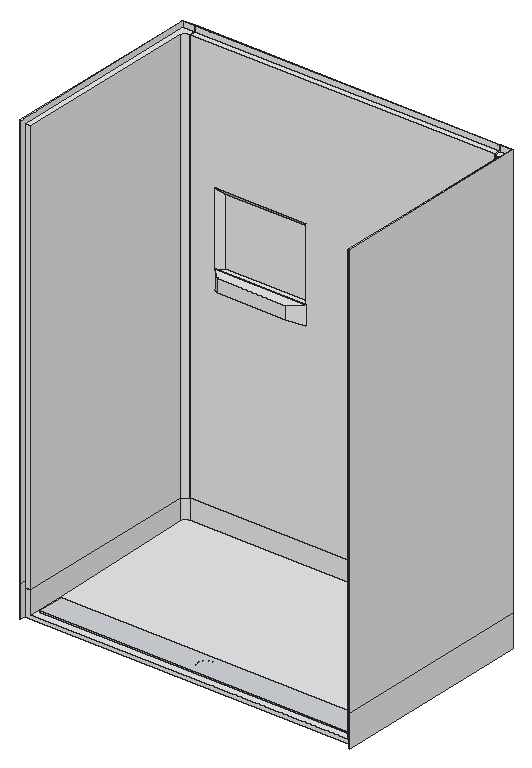
Revit family "5LRS26036B75FTB.V3,B2FTB.V3", category Plumbing Fixtures, Revit 2019
Family settings
  Round Connector Dimension = Use Diameter
  Part Type = Normal
  OmniClass Number = 23.45.05.14.17
  OmniClass Title = Showers
  Work Plane-Based = No
  Always vertical = Yes
  Cut with Voids When Loaded = No
  Shared = No
  Room Calculation Point = No
Parameters (values of type "5LRS26036B75FTB.V3")
  Unit Width = 60"
  Unit Height = 81 1/4"
  Pan Height = 5 3/4"
  Unit Depth = 37"
  URL = "http://www.bestbath.com"
  Type Comments = "Barrier Free"
  Threshold Height = 3/4"
  Model = "5LRS26036B75FTB.V3"
  Material [instance] = Best Bath Gelcoat Fiberglass - RealTile
  Manufacturer = "Best Bath Systems, Inc."
  Keynote = "22 40 00.B3"
  Description = "Trench Drain Pan, Real Tile, Beveled Threshold"
  Assembly Code = "D2010710"
Types (3): name | Unit Height | Pan Height | Threshold Height | Model
  (no name) | 81 1/4" | 5 3/4" | 3/4" | "5LRS26036B75FTB.V3"
  5LRS26036B75FTB.V3 | 81 1/4" | 5 3/4" | 3/4" | "5LRS26036B75FTB.V3"
  5LRS26036B2FTB.V3 | 82 1/2" | 7" | 2" | "5LRS26036B2FTB.V3"
Reference planes (in)
  plane 1 "Back": y = 6.43613
  plane 2: z = 0
  plane 3 "Left": x = 0
  plane 4: x = 60
  plane 5: z = 4.75
  plane 6: z = 0.75
  plane 7: z = 5.75
  plane 8: x = 30
  plane 9: y = -30.56387
  plane 10: y = -23.31387
  plane 11: z = 1.5
  plane 12: y = -29.56387
  plane 13: y = -25.81387
  plane 14: z = 0.875
  plane 15: y = -25.81387
  plane 16: z = 81.25
  plane 17: z = 80.25
  plane 18: z = 43.75
  plane 19: y = -25.81387
Forms (in)
  Extrusion 1, solid, material "Best Bath Gelcoat Fiberglass - Smooth"
    sketch origin (0, 0, 0) x (1, 0, 0) y (0, 1, 0)
      loop
        line (0, 6.43613) -> (0, -30.56387) -> (0.125, -30.56387) -> (0.125, 6.31113) -> (59.875, 6.31113) -> (59.875, -30.56387) -> (60, -30.56387) -> (60, 6.43613) -> (0, 6.43613)
    from 0 to 5.75
  Extrusion 2, solid, material "Best Bath Gelcoat Fiberglass - Smooth"
    sketch origin (0, 0, 0) x (0, 1, 0) y (0, 0, 1)
      loop
        line (-23.31387, 0.75) -> (5.18613, 0.75) -> (5.18613, 1.25) -> (-23.31387, 0.75)
    from 0 to 60
  Extrusion 3, solid, material "Best Bath Gelcoat Fiberglass - Smooth"
    sketch origin (0, 0, 0) x (1, 0, 0) y (0, 1, 0)
      loop
        line (0, 6.43613) -> (0, -29.56387) -> (59.875, -29.56387) -> (59.875, 6.43613) -> (0, 6.43613)
      loop
        circle (30, -25.81387) r 1.5
    from 0 to 0.75
  Extrusion 4, solid, material "Best Bath Gelcoat Fiberglass - Smooth"
    sketch origin (0, 0, 0) x (1, 0, 0) y (0, 1, 0)
      loop
        line (0, 6.43613) -> (0, -29.56387) -> (1.25, -29.56387) -> (1.25, 4.18613)
        arc (1.25, 4.18613) -> (1.54289, 4.89323) -> (2.25, 5.18613) r 1
        line (2.25, 5.18613) -> (57.75, 5.18613)
        arc (57.75, 5.18613) -> (58.45711, 4.89323) -> (58.75, 4.18613) r 1
        line (58.75, 4.18613) -> (58.75, -29.56387) -> (60, -29.56387) -> (60, 6.43613) -> (0, 6.43613)
    from 0 to 4.75
  Extrusion 5, solid
    sketch origin (0, 0, 0) x (1, 0, 0) y (0, 1, 0)
      loop
        line (1.75, -23.31387) -> (1.75, -28.31387) -> (58.25, -28.31387) -> (58.25, -23.31387) -> (1.75, -23.31387)
    from 0.40753 to 0.875
  Extrusion 6, solid, material "Best Bath Gelcoat Fiberglass - Smooth"
    sketch origin (0, 0, 0) x (1, 0, 0) y (0, 1, 0)
      loop
        line (1.25, -29.56387) -> (1.25, 4.17034)
        arc (1.25, 4.17034) -> (1.54289, 4.87745) -> (2.25, 5.17034) r 1
        line (2.25, 5.17034) -> (2.25, 6.31113) -> (0.125, 6.31113) -> (0.125, -29.56387) -> (1.25, -29.56387)
      loop
        line (58.75, -29.56387) -> (59.875, -29.56387) -> (59.875, 6.31113) -> (57.75, 6.31113) -> (57.75, 5.17034)
        arc (57.75, 5.17034) -> (58.45711, 4.87745) -> (58.75, 4.17034) r 1
        line (58.75, 4.17034) -> (58.75, -29.56387)
    from 4.75 to 80.25
  Extrusion 7, solid, material "Best Bath Smoothwall"
    sketch origin (-0.02168, 0, 0) x (1, 0, 0) y (0, 1, 0)
      loop
        line (2.25, 5.18613) -> (57.75, 5.18613) -> (57.75, 6.31113) -> (2.25, 6.31113) -> (2.25, 5.18613)
    from 4.75 to 80.25
  Extrusion 8, solid, material "Best Bath Gelcoat Fiberglass - Smooth"
    sketch origin (0, 0, 0) x (1, 0, 0) y (0, 1, 0)
      loop
        line (0, -30.56387) -> (0.125, -30.56387) -> (0.125, 6.31113) -> (2.25, 6.31113) -> (2.25, 6.43613) -> (0, 6.43613) -> (0, -30.56387)
      loop
        line (60, -30.56387) -> (60, 6.43613) -> (57.75, 6.43613) -> (57.75, 6.31113) -> (59.875, 6.31113) -> (59.875, -30.56387) -> (60, -30.56387)
    from 5.75 to 81.25
  Extrusion 9, solid, material "Best Bath Smoothwall"
    sketch origin (-0.02168, 0, 0) x (1, 0, 0) y (0, 1, 0)
      loop
        line (2.25, 6.43613) -> (2.25, 6.31113) -> (57.75, 6.31113) -> (57.75, 6.43613) -> (2.25, 6.43613)
    from 0 to 81.25
  Blend 10, solid, material "Best Bath Gelcoat Fiberglass - Smooth"
    base sketch origin (23.35671, -68.92552, -3.625) x (1, 0, 0) y (0, 0, 1)
      loop
        line (30.5625, 47.375) -> (14.0625, 47.375) -> (14.0625, 43.9375) -> (30.5625, 43.9375) -> (30.5625, 47.375)
    top sketch origin (23.35671, -68.92552, -3.625) x (1, 0, 0) y (0, 0, 1)
      loop
        line (16.0625, 47.375) -> (16.0625, 45.125) -> (28.5625, 45.125) -> (28.5625, 47.375) -> (16.0625, 47.375)
    from -74.11165 to -72.11165
  Blend 11, solid, material "Best Bath Gelcoat Fiberglass - Smooth"
    base sketch origin (-28.64329, -68.92552, -3.625) x (1, 0, 0) y (0, 0, 1)
      loop
        line (52.0625, 47.375) -> (35.5625, 47.375) -> (35.5625, 43.9375) -> (52.0625, 43.9375) -> (52.0625, 47.375)
    top sketch origin (-28.64329, -68.92552, -3.625) x (1, 0, 0) y (0, 0, 1)
      loop
        line (37.5625, 47.375) -> (37.5625, 45.125) -> (50.0625, 45.125) -> (50.0625, 47.375) -> (37.5625, 47.375)
    from -74.11165 to -72.11165
  Blend 12, void
    base sketch origin (23.35671, -68.42552, -3.625) x (1, 0, 0) y (0, 0, 1)
      loop
        line (14.0625, 47.375) -> (30.5625, 47.375) -> (30.5625, 60.5) -> (14.0625, 60.5) -> (14.0625, 47.375)
    top sketch origin (23.35671, -68.42552, -3.625) x (1, 0, 0) y (0, 0, 1)
      loop
        line (15.0625, 47.375) -> (29.5625, 47.375) -> (29.5625, 59.5) -> (15.0625, 59.5) -> (15.0625, 47.375)
    from -73.61165 to -74.61165
  Blend 13, void
    base sketch origin (-28.64329, -68.42552, -3.625) x (1, 0, 0) y (0, 0, 1)
      loop
        line (35.5625, 47.375) -> (52.0625, 47.375) -> (52.0625, 60.5) -> (35.5625, 60.5) -> (35.5625, 47.375)
    top sketch origin (-28.64329, -68.42552, -3.625) x (1, 0, 0) y (0, 0, 1)
      loop
        line (36.5625, 47.375) -> (51.0625, 47.375) -> (51.0625, 59.5) -> (36.5625, 59.5) -> (36.5625, 47.375)
    from -73.61165 to -74.61165
Cuts and joins
  joined: Extrusion 1, Extrusion 2, Extrusion 3, Extrusion 4
  joined: Extrusion 6, Extrusion 8
  Blend 12, Blend 13 cuts Extrusion 7
  Blend 12, Blend 13 cuts Extrusion 9
  joined: Extrusion 7, Extrusion 9
Dimensions and locks (in)
  "Unit Width": plane 3 "Left" to plane 4
  "Threshold Height": plane 6 to level
  locked: plane 7 to plane 5 at 1
  "Pan Height": plane 7 to level
  equal spacing: plane 3 "Left", plane 8, plane 4
  "Unit Depth": plane 9 to plane 1 "Back"
  locked: plane 11 to plane 6 at 0.75
  locked: plane 10 to plane 9 at 7.25
  locked: plane 12 to plane 9 at 1
  plane 13 to plane 9 = 4 3/4"
  locked: plane 14 to plane 6 at 0.125
  locked: plane 10 to plane 15 at 2.5
  "Unit Height": plane 16 to level
  locked: plane 16 to plane 17 at 1
  locked: plane 18 to plane 6 at 43
  locked: plane 19 to plane 1 "Back" at 32.25
  aligned and locked: level to plane 2
  aligned and locked: Extrusion 2 sketch curve to plane 6
  aligned and locked: plane 6 to Extrusion 3
  aligned and locked: plane 5 to Extrusion 4
  aligned and locked: plane 12 to Extrusion 3 sketch curve
  aligned and locked: plane 12 to Extrusion 4 sketch curve  (x2)
  aligned and locked: plane 7 to Extrusion 1
  aligned and locked: Extrusion 5 sketch curve to plane 10
  aligned and locked: plane 14 to Extrusion 5
  aligned and locked: Extrusion 6 to cut or joined group of Extrusion 1, Extrusion 2, Extrusion 3, Extrusion 4
  aligned and locked: plane 17 to Extrusion 6
  aligned and locked: plane 17 to Extrusion 7
  aligned and locked: plane 16 to Extrusion 8
  aligned and locked: plane 16 to Extrusion 9
  aligned and locked: Extrusion 7 to plane 5
  aligned and locked: Extrusion 8 to plane 7
Automatic sketch dimensions
  plane 3 "Left" to Extrusion 5 sketch curve = 1 3/4"
  plane 4 to Extrusion 5 sketch curve = 1 3/4"
  plane 12 to Extrusion 5 sketch curve = 1 1/4"
  Extrusion 1 sketch curve to plane 3 "Left" = 0"
  Extrusion 1 sketch curve to plane 9 = 0"  (x2)
  Extrusion 1 sketch curve to plane 4 = 0"
  plane 1 "Back" to Extrusion 1 sketch curve = 0"
  plane 3 "Left" to Extrusion 1 sketch curve = 1/8"
  plane 4 to Extrusion 1 sketch curve = 1/8"
  plane 1 "Back" to Extrusion 1 sketch curve = 1/8"
  Extrusion 2 sketch curve to plane 10 = 0"
  Extrusion 2 sketch curve to plane 11 = 1/4"
  plane 1 "Back" to Extrusion 2 sketch curve = 1 1/4"
  Extrusion 3 sketch curve to plane 3 "Left" = 0"
  Extrusion 3 sketch curve to plane 8 = 0"
  plane 1 "Back" to Extrusion 3 sketch curve = 0"
  Extrusion 3 sketch curve to plane 13 = 0"
  plane 4 to Extrusion 3 sketch curve = 1/8"
  plane 1 "Back" to Extrusion 4 sketch curve = 0"
  Extrusion 4 sketch curve to plane 3 "Left" = 0"
  Extrusion 4 sketch curve to plane 4 = 0"
  plane 3 "Left" to Extrusion 4 sketch curve = 1 1/4"
  Extrusion 4 sketch curve to Extrusion 4 sketch curve = 1"
  plane 1 "Back" to Extrusion 4 sketch curve = 1 1/4"
  plane 4 to Extrusion 4 sketch curve = 2 1/4"
  Extrusion 4 sketch curve to Extrusion 4 sketch curve = 1 1/4"
  Extrusion 6 sketch curve to plane 12 = 0"  (x2)
  plane 3 "Left" to Extrusion 6 sketch curve = 1/8"
  Extrusion 6 sketch curve to Extrusion 6 sketch curve = 1 1/8"
  Extrusion 6 sketch curve to Extrusion 6 sketch curve = 1"  (x2)
  plane 4 to Extrusion 6 sketch curve = 2 1/4"
  plane 4 to Extrusion 6 sketch curve = 1/8"
  plane 1 "Back" to Extrusion 6 sketch curve = 2.26579"  (x2)
  plane 1 "Back" to Extrusion 6 sketch curve = 1/8"  (x2)
  plane 1 "Back" to Extrusion 7 sketch curve = 1/8"
  plane 3 "Left" to Extrusion 7 sketch curve = 2.22832"
  plane 4 to Extrusion 7 sketch curve = 2.27168"
  Extrusion 7 sketch curve to Extrusion 7 sketch curve = 1 1/8"
  plane 1 "Back" to Extrusion 8 sketch curve = 0"  (x2)
  Extrusion 8 sketch curve to plane 3 "Left" = 0"
  Extrusion 8 sketch curve to plane 9 = 0"  (x2)
  Extrusion 8 sketch curve to plane 4 = 0"
  plane 3 "Left" to Extrusion 8 sketch curve = 1/8"
  Extrusion 8 sketch curve to Extrusion 8 sketch curve = 2 1/8"
  plane 1 "Back" to Extrusion 8 sketch curve = 1/8"  (x2)
  plane 4 to Extrusion 8 sketch curve = 2 1/4"
  plane 4 to Extrusion 8 sketch curve = 1/8"
  plane 1 "Back" to Extrusion 9 sketch curve = 0"
  plane 1 "Back" to Extrusion 9 sketch curve = 1/8"
  plane 3 "Left" to Extrusion 9 sketch curve = 2.22832"
  plane 4 to Extrusion 9 sketch curve = 2.27168"
  Blend 10 sketch curve to plane 18 = 0"  (x2)
  Blend 10 sketch curve to plane 8 = 7.41921"
  plane 4 to Blend 10 sketch curve = 6.08079"
  Blend 10 sketch curve to plane 18 = 3 7/16"
  Blend 10 sketch curve to plane 18 = 2 1/4"
  Blend 10 sketch curve to plane 8 = 9.41921"
  plane 4 to Blend 10 sketch curve = 8.08079"
  Blend 11 sketch curve to plane 18 = 0"  (x2)
  plane 3 "Left" to Blend 11 sketch curve = 6.91921"
  plane 8 to Blend 11 sketch curve = 6.58079"
  Blend 11 sketch curve to plane 18 = 3 7/16"
  Blend 11 sketch curve to plane 18 = 2 1/4"
  plane 3 "Left" to Blend 11 sketch curve = 8.91921"
  plane 8 to Blend 11 sketch curve = 8.58079"
  Blend 12 sketch curve to plane 18 = 0"  (x2)
  Blend 12 sketch curve to plane 8 = 7.41921"
  plane 4 to Blend 12 sketch curve = 6.08079"
  Blend 12 sketch curve to Blend 12 sketch curve = 13 1/8"
  Blend 12 sketch curve to plane 8 = 8.41921"
  plane 4 to Blend 12 sketch curve = 7.08079"
  Blend 12 sketch curve to Blend 12 sketch curve = 12 1/8"
  Blend 13 sketch curve to plane 18 = 0"  (x2)
  plane 3 "Left" to Blend 13 sketch curve = 6.91921"
  plane 8 to Blend 13 sketch curve = 6.58079"
  plane 18 to Blend 13 sketch curve = 13 1/8"
  plane 3 "Left" to Blend 13 sketch curve = 7.91921"
  plane 8 to Blend 13 sketch curve = 7.58079"
  Blend 13 sketch curve to Blend 13 sketch curve = 12 1/8"
  radius of Extrusion 3 sketch curve = 1 1/2"
